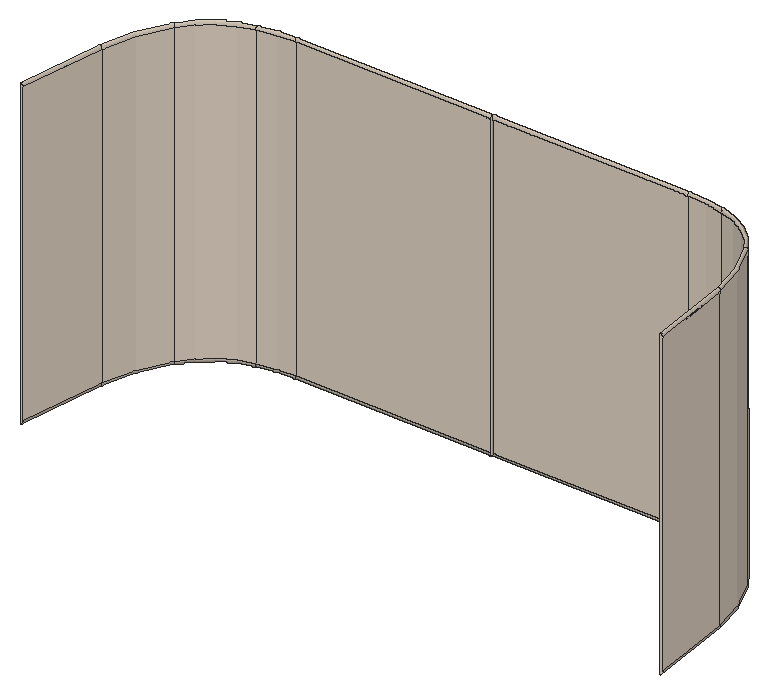
Revit family "FU_Panel_Sandler_KERN 1040PC", category Furniture, Revit 2022
Family settings
  OmniClass Number = 23.40.20.00
  OmniClass Title = General Furniture and Specialties
  Work Plane-Based = No
  Always vertical = Yes
  Cut with Voids When Loaded = No
  Render Appearance Source = Family Geometry
  Shared = No
  Room Calculation Point = No
Parameters (values of type "Kern 1040PC")
  Width = 2295 mm
  URL = "https://www.sandlerseating.com/product/kern-1040pc/"
  Panel [instance] = Fabric - Manhattan - Bronx YI364
  Model = "Kern 1040PC"
  Manufacturer = "Sandler"
  Height = 1260 mm
  Description = "Three-sided privacy screen for three-seat Kern sofas."
  Depth = 685 mm
  Default Elevation = 0 mm
Reference planes
  plane 1 "Center (Front/Back)": y = 0
  plane 2: z = 0
  plane 3 "Center (Left/Right)": x = 0
  plane 4 "Right": x = -1147.5
  plane 5 "Left": x = 1147.5
  plane 6 "Back": y = 379
  plane 7 "Front": y = -306
  plane 8 "Height": z = 1260
  plane 9 "Panel Elevation": z = 170
Forms (mm)
  Sweep 1, solid, material "Fabric - Manhattan - Bronx YI364" <- "Panel"
    path origin (0, 0, 170) x (-1, 0, 0) y (0, -1, 0)
      loop
        line (0, -379.134) -> (700.746, -379.134)
        arc (700.746, -379.134) -> (767.167, -375.563) -> (832.823, -364.893) r 619.594
        arc (832.823, -364.893) -> (943.596, -316.01) -> (1026.453, -227.72) r 303.571
        arc (1026.453, -227.72) -> (1079.55, -118.097) -> (1109.376, 0) r 599.071
        arc (1109.376, 0) -> (1130.09, 152.794) -> (1147.5, 306) r 7140.819
    profile "Pro_Kern_Panel : Pro_Kern_Panel" origin (-767.167, 375.563, 170) x (0.107201, -0.994237, 0) y (0, 0, 1)
      loop
        line (0, 1079) -> (0, 11)
        spline (0, 11) -> (0.187, 8.153) -> (0.737, 5.5) -> (1.611, 3.222) -> (2.75, 1.474) -> (4.076, 0.375) -> (5.5, 0) -> (6.924, 0.375) -> (8.25, 1.474) -> (9.389, 3.222) -> (10.263, 5.5) -> (10.813, 8.153) -> (11, 11)
        line (11, 11) -> (11, 1079)
        spline (11, 1079) -> (10.813, 1081.847) -> (10.263, 1084.5) -> (9.389, 1086.778) -> (8.25, 1088.526) -> (6.924, 1089.625) -> (5.5, 1090) -> (4.076, 1089.625) -> (2.75, 1088.526) -> (1.611, 1086.778) -> (0.737, 1084.5) -> (0.187, 1081.847) -> (0, 1079)
  Sweep 2, solid, material "Fabric - Manhattan - Bronx YI364" <- "Panel"
    path origin (0, 0, 170) x (1, 0, 0) y (0, 1, 0)
      loop
        line (0, 379.134) -> (700.746, 379.134)
        arc (700.746, 379.134) -> (767.167, 375.563) -> (832.823, 364.893) r 619.594
        arc (832.823, 364.893) -> (943.596, 316.01) -> (1026.453, 227.72) r 303.571
        arc (1026.453, 227.72) -> (1079.55, 118.097) -> (1109.376, 0) r 599.071
        arc (1109.376, 0) -> (1130.09, -152.794) -> (1147.5, -306) r 7140.819
    profile "Pro_Kern_Panel : Pro_Kern_Panel" origin (767.167, 375.563, 170) x (0.107201, 0.994237, 0) y (0, 0, 1)
      loop
        spline (0, 1079) -> (-0.187, 1081.847) -> (-0.737, 1084.5) -> (-1.611, 1086.778) -> (-2.75, 1088.526) -> (-4.076, 1089.625) -> (-5.5, 1090) -> (-6.924, 1089.625) -> (-8.25, 1088.526) -> (-9.389, 1086.778) -> (-10.263, 1084.5) -> (-10.813, 1081.847) -> (-11, 1079)
        line (-11, 1079) -> (-11, 11)
        spline (-11, 11) -> (-10.813, 8.153) -> (-10.263, 5.5) -> (-9.389, 3.222) -> (-8.25, 1.474) -> (-6.924, 0.375) -> (-5.5, 0) -> (-4.076, 0.375) -> (-2.75, 1.474) -> (-1.611, 3.222) -> (-0.737, 5.5) -> (-0.187, 8.153) -> (0, 11)
        line (0, 11) -> (0, 1079)
  Sweep 3, void
    path origin (0, -306, 0) x (-1, 0, 0) y (0, 0, 1)
      loop
        line (1147.5, 155) -> (1147.5, 1275)
    profile "Pro_edgeCut_6mm_alt : Pro_edgeCut_6mm_alt" origin (-1147.5, -306, 715) x (1, 0, 0) y (0, 1, 0)
      loop
        arc (0.134, 5.764) -> (-0.123, 6.387) -> (-0.725, 6.687) r 0.961
        line (-0.725, 6.687) -> (-3.814, 7.012) -> (-4.654, -0.979) -> (15.236, -3.07) -> (16.076, 4.921) -> (12.997, 5.245)
        arc (12.997, 5.245) -> (12.338, 5.075) -> (11.952, 4.514) r 0.971
        arc (11.952, 4.514) -> (5.5, 0) -> (0.134, 5.764) r 6
  Sweep 4, void
    path origin (0, -306, 0) x (1, 0, 0) y (0, 0, -1)
      loop
        line (1147.5, -155) -> (1147.5, -1275)
    profile "Pro_edgeCut_6mm_alt : Pro_edgeCut_6mm_alt" origin (1147.5, -306, 715) x (1, 0, 0) y (0, 1, 0)
      loop
        arc (-11.947, 4.523) -> (-12.328, 5.078) -> (-12.98, 5.247) r 0.961
        line (-12.98, 5.247) -> (-16.069, 4.922) -> (-15.229, -3.069) -> (4.662, -0.978) -> (3.822, 7.013) -> (0.742, 6.689)
        arc (0.742, 6.689) -> (0.133, 6.386) -> (-0.127, 5.757) r 0.971
        arc (-0.127, 5.757) -> (-5.5, 0) -> (-11.947, 4.523) r 6
  Sweep 5, void
    path origin (0, 379, 0) x (-1, 0, 0) y (0, 0, 1)
      loop
        line (0, 155) -> (0, 1275)
    profile "Pro_edgeCut_6mm_alt : Pro_edgeCut_6mm_alt" origin (0, 379, 715) x (1, 0, 0) y (0, 1, 0)
      loop
        arc (5.172, 0.439) -> (5.764, 0.76) -> (6, 1.39) r 0.961
        line (6, 1.39) -> (6, 4.496) -> (-2.035, 4.496) -> (-2.035, -15.504) -> (6, -15.504) -> (6, -12.407)
        arc (6, -12.407) -> (5.762, -11.77) -> (5.164, -11.445) r 0.971
        arc (5.164, -11.445) -> (0, -5.5) -> (5.172, 0.439) r 6
  Sweep 6, void
    path origin (0, 379, 0) x (1, 0, 0) y (0, 0, -1)
      loop
        line (0, -155) -> (0, -1275)
    profile "Pro_edgeCut_6mm_alt : Pro_edgeCut_6mm_alt" origin (0, 379, 715) x (1, 0, 0) y (0, 1, 0)
      loop
        arc (-5.172, 0.439) -> (0, -5.5) -> (-5.164, -11.445) r 6
        arc (-5.164, -11.445) -> (-5.762, -11.77) -> (-6, -12.407) r 0.971
        line (-6, -12.407) -> (-6, -15.504) -> (2.035, -15.504) -> (2.035, 4.496) -> (-6, 4.496) -> (-6, 1.39)
        arc (-6, 1.39) -> (-5.764, 0.76) -> (-5.172, 0.439) r 0.961
Cuts and joins
  Sweep 3, Sweep 6 cuts Sweep 1
  Sweep 4, Sweep 5 cuts Sweep 2
Dimensions and locks
  plane 6 "Back" to plane 1 "Center (Front/Back)" to plane 7 "Front" = 379 mm, 306 mm
  "Depth": plane 6 "Back" to plane 7 "Front"
  equal spacing: plane 4 "Right", plane 3 "Center (Left/Right)", plane 5 "Left"
  "Width": plane 4 "Right" to plane 5 "Left"
  "Height": plane 8 "Height" to level
  aligned and locked: level to plane 2
Automatic sketch dimensions
  Sweep 1 sketch curve to plane 3 "Center (Left/Right)" = 0 mm
  plane 1 "Center (Front/Back)" to Sweep 1 sketch curve = 0 mm  (x2)
  Sweep 1 sketch curve to plane 4 "Right" = 0 mm
  Sweep 1 sketch curve to plane 7 "Front" = 0 mm
  Sweep 1 sketch curve to plane 7 "Front" = 729.636 mm
  plane 5 "Left" to Sweep 1 sketch curve = 4808.445 mm
  plane 1 "Center (Front/Back)" to Sweep 1 sketch curve = 86.884 mm
  plane 7 "Front" to Sweep 1 sketch curve = 65.539 mm
  Sweep 1 sketch curve to Sweep 1 sketch curve = 184.108 mm
  Sweep 1 sketch curve to plane 1 "Center (Front/Back)" = 68.299 mm
  Sweep 1 sketch curve to Sweep 1 sketch curve = 251.473 mm
  plane 6 "Back" to Sweep 1 sketch curve = 0.134 mm
  Sweep 1 sketch curve to Sweep 1 sketch curve = 0 mm
  Sweep 2 sketch curve to plane 3 "Center (Left/Right)" = 0 mm
  plane 1 "Center (Front/Back)" to Sweep 2 sketch curve = 0 mm  (x2)
  Sweep 2 sketch curve to plane 5 "Left" = 0 mm
  plane 7 "Front" to Sweep 2 sketch curve = 0 mm
  Sweep 2 sketch curve to plane 7 "Front" = 729.636 mm
  Sweep 2 sketch curve to plane 4 "Right" = 4808.445 mm
  plane 1 "Center (Front/Back)" to Sweep 2 sketch curve = 86.884 mm
  plane 7 "Front" to Sweep 2 sketch curve = 65.539 mm
  Sweep 2 sketch curve to Sweep 2 sketch curve = 184.108 mm
  Sweep 2 sketch curve to plane 1 "Center (Front/Back)" = 68.299 mm
  Sweep 2 sketch curve to Sweep 2 sketch curve = 251.473 mm
  plane 6 "Back" to Sweep 2 sketch curve = 0.134 mm
  Sweep 2 sketch curve to Sweep 2 sketch curve = 0 mm
  Sweep 3 sketch curve to plane 4 "Right" = 0 mm
  Sweep 3 sketch curve to plane 9 "Panel Elevation" = 15 mm
  plane 8 "Height" to Sweep 3 sketch curve = 15 mm
  Sweep 4 sketch curve to plane 5 "Left" = 0 mm
  plane 8 "Height" to Sweep 4 sketch curve = 15 mm
  Sweep 4 sketch curve to plane 9 "Panel Elevation" = 15 mm
  Sweep 5 sketch curve to plane 3 "Center (Left/Right)" = 0 mm
  Sweep 5 sketch curve to plane 9 "Panel Elevation" = 15 mm
  plane 8 "Height" to Sweep 5 sketch curve = 15 mm
  Sweep 6 sketch curve to plane 3 "Center (Left/Right)" = 0 mm
  plane 8 "Height" to Sweep 6 sketch curve = 15 mm
  Sweep 6 sketch curve to plane 9 "Panel Elevation" = 15 mm
